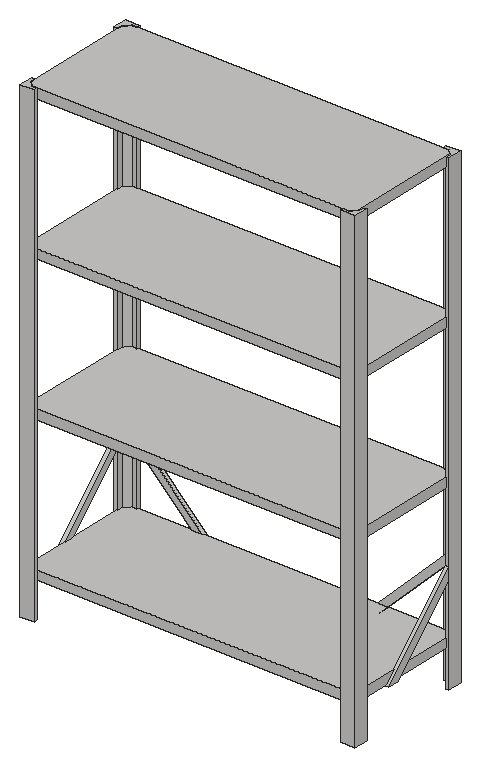
Revit family "QF_ELECTROLUXPROFESSIONAL_132947_NSC1370", category Attrezzature speciali, Revit 2020
Family settings
  Quota connettore circolare = Usa diametro
  Tipo di parte = Normale
  Basato su piano di lavoro = No
  Sempre verticale = Sì
  Taglio con vuoti quando caricato = No
  Condiviso = No
  Punto di calcolo locali = No
Parameters (values of type "Standard")
  Weight = 41.00 kg
  Watts = 0 W
  Volts = 0 V
  URL Manufacturer = "https://www.electroluxprofessional.com/"
  URL = "https://www.electroluxprofessional.com/"
  Steam Supply Size = 0 mm
  Steam Supply Minimum Pressure = 0.0 Pa
  Steam Supply Maximum Pressure = 0.0 Pa
  Steam Consumption per Hour = 0
  Refrigeration Suction Line Size = 0.0 mm
  Refrigeration Liquid Line Size = 0.0 mm
  Refrigerant Compressor Remote = yes
  Prospetto di default = 0.0 mm
  Phase = 0
  Modello = "NSC1370"
  Produttore = "Electrolux Professional"
  Length Actual = 1400.0 mm  # constant formula
  Item Number = "132947"
  Hot Water Size = 0 mm
  Height Actual = 1990.0 mm  # constant formula
  HP = "0 HP"
  Gas Size = 0 mm
  Gas KW = 0
  Gas Input Pressure = 0 W
  Direct Waste Size = 0 mm
  Descrizione = "S/S SHELVING WITH 4 SOLID SHELVES, 1370MM"
  Depth Actual = 550.0 mm  # constant formula
  Cycle = 0 Hz
  Condensate Return Size = 0 mm
  Compressed Air Volume = 0.0 L/s
  Compressed Air Size = 0 mm
  Compressed Air Pressure = 0.0 Pa
  Cold Water Size = 0 mm
  Accessory = yes
Reference planes
  plane 1 "Center (Front/Back)": y = 0
  plane 2: z = 0
  plane 3 "Center (Left/Right)": x = 0
  plane 4 "LEFT": x = -700
  plane 5 "RIGHT": x = 700
  plane 6 "BACK": y = 275
  plane 7 "FRONT": y = -275
  plane 8 "L1": z = 190
  plane 9 "TOP": z = 1990
  plane 10 "L2": z = 790
  plane 11 "L3": z = 1390
  plane 12: x = 640
  plane 13: y = -215
  plane 14: y = 215
  plane 15: x = -640
Forms (mm)
  Extrusion 1, solid, material "QF_Finishes_Stainless Steel"
    sketch origin (0, 0, 0) x (1, 0, 0) y (0, 1, 0)
      loop
        line (-700, 275) -> (-700, 215) -> (-685, 215) -> (-685, 237.5) -> (-662.5, 260) -> (-640, 260) -> (-640, 275) -> (-700, 275)
      loop
        line (-700, -275) -> (-640, -275) -> (-640, -260) -> (-662.5, -260) -> (-685, -237.5) -> (-685, -215) -> (-700, -215) -> (-700, -275)
    from 0 to 1990
  Extrusion 2, solid, material "QF_Finishes_Stainless Steel"
    sketch origin (0, 0, 1990) x (0, 1, 0) y (-1, 0, 0)
      loop
        line (-237.5, 685) -> (-260, 662.5) -> (-260, -662.5) -> (-237.5, -685) -> (237.5, -685) -> (260, -662.5) -> (260, 662.5) -> (237.5, 685) -> (-237.5, 685)
    from 0 to -40
  Extrusion 3, solid, material "QF_Finishes_Stainless Steel"
    sketch origin (0, 275, 0) x (1, 0, 0) y (0, 0, -1)
      loop
        line (370.026, -150) -> (327.6, -150) -> (657.678, -480.078) -> (678.891, -458.864) -> (370.026, -150)
    from 0 to -15
  Extrusion 4, solid, material "QF_Finishes_Stainless Steel"
    sketch origin (-700, 0, 0) x (0, 1, 0) y (0, 0, 1)
      loop
        line (-54.974, 150) -> (253.891, 458.864) -> (232.678, 480.078) -> (-97.4, 150) -> (-54.974, 150)
    from 0 to 15
  Extrusion 5, solid, material "QF_Finishes_Stainless Steel"
    sketch origin (700, 0, 0) x (0, 1, 0) y (0, 0, 1)
      loop
        line (-54.974, 150) -> (253.891, 458.864) -> (232.678, 480.078) -> (-97.4, 150) -> (-54.974, 150)
    from 0 to -15
  Extrusion 6, solid, material "QF_Finishes_Stainless Steel"
    sketch origin (0, 0, 0) x (-1, 0, 0) y (0, -1, 0)
      loop
        line (-700, -275) -> (-640, -275) -> (-640, -260) -> (-662.5, -260) -> (-685, -237.5) -> (-685, -215) -> (-700, -215) -> (-700, -275)
      loop
        line (-700, 275) -> (-700, 215) -> (-685, 215) -> (-685, 237.5) -> (-662.5, 260) -> (-640, 260) -> (-640, 275) -> (-700, 275)
    from 0 to 1990
  Extrusion 7, solid, material "QF_Finishes_Stainless Steel"
    sketch origin (0, 0, 190) x (0, 1, 0) y (-1, 0, 0)
      loop
        line (-237.5, 685) -> (-260, 662.5) -> (-260, -662.5) -> (-237.5, -685) -> (237.5, -685) -> (260, -662.5) -> (260, 662.5) -> (237.5, 685) -> (-237.5, 685)
    from 0 to -40
  Extrusion 8, solid, material "QF_Finishes_Stainless Steel"
    sketch origin (0, 0, 790) x (0, 1, 0) y (-1, 0, 0)
      loop
        line (-237.5, 685) -> (-260, 662.5) -> (-260, -662.5) -> (-237.5, -685) -> (237.5, -685) -> (260, -662.5) -> (260, 662.5) -> (237.5, 685) -> (-237.5, 685)
    from 0 to -40
  Extrusion 9, solid, material "QF_Finishes_Stainless Steel"
    sketch origin (0, 0, 1390) x (0, 1, 0) y (-1, 0, 0)
      loop
        line (-237.5, 685) -> (-260, 662.5) -> (-260, -662.5) -> (-237.5, -685) -> (237.5, -685) -> (260, -662.5) -> (260, 662.5) -> (237.5, 685) -> (-237.5, 685)
    from 0 to -40
  Extrusion 10, solid, material "QF_Finishes_Stainless Steel"
    sketch origin (0, 275, 0) x (-1, 0, 0) y (0, 0, 1)
      loop
        line (370.026, 150) -> (678.891, 458.864) -> (657.678, 480.078) -> (327.6, 150) -> (370.026, 150)
    from 0 to -15
Cuts and joins
  joined: Extrusion 1, Extrusion 3, Extrusion 4, Extrusion 5
Lines and regions (mm)
  symbolic lines
    curve 1: line (-700, 215, 190) -> (-700, 275, 190)
    curve 2: line (-700, 275, 190) -> (-640, 275, 190)
    curve 3: line (-640, 275, 190) -> (-640, 260, 190)
    curve 4: line (-640, 260, 190) -> (-662.5, 260, 190)
    curve 5: line (-662.5, 260, 190) -> (-685, 237.5, 190)
    curve 6: line (-685, 237.5, 190) -> (-685, 215, 190)
    curve 7: line (-685, 215, 190) -> (-700, 215, 190)
    curve 8: line (-700, -215, 190) -> (-685, -215, 190)
    curve 9: line (-685, -215, 190) -> (-685, -237.5, 190)
    curve 10: line (-685, -237.5, 190) -> (-662.5, -260, 190)
    curve 11: line (-662.5, -260, 190) -> (-640, -260, 190)
    curve 12: line (-640, -260, 190) -> (-640, -275, 190)
    curve 13: line (-640, -275, 190) -> (-700, -275, 190)
    curve 14: line (-700, -275, 190) -> (-700, -215, 190)
    curve 15: line (640, -275, 190) -> (700, -275, 190)
    curve 16: line (700, -275, 190) -> (700, -215, 190)
    curve 17: line (700, -215, 190) -> (685, -215, 190)
    curve 18: line (685, -215, 190) -> (685, -237.5, 190)
    curve 19: line (685, -237.5, 190) -> (662.5, -260, 190)
    curve 20: line (662.5, -260, 190) -> (640, -260, 190)
    curve 21: line (640, -260, 190) -> (640, -275, 190)
    curve 22: line (640, 275, 190) -> (640, 260, 190)
    curve 23: line (640, 260, 190) -> (662.5, 260, 190)
    curve 24: line (662.5, 260, 190) -> (685, 237.5, 190)
    curve 25: line (685, 237.5, 190) -> (685, 215, 190)
    curve 26: line (685, 215, 190) -> (700, 215, 190)
    curve 27: line (700, 215, 190) -> (700, 275, 190)
    curve 28: line (700, 275, 190) -> (640, 275, 190)
    curve 29: line (-640, 260, 190) -> (640, 260, 190)
    curve 30: line (685, 215, 190) -> (685, -215, 190)
    curve 31: line (640, -260, 190) -> (-640, -260, 190)
    curve 32: line (-685, -215, 190) -> (-685, 215, 190)
    curve 33: line (-700, -275, 190) -> (700, 275, 190)
Dimensions and locks
  plane 4 "LEFT" to plane 5 "RIGHT" = 1400.0 mm
  equal spacing: plane 4 "LEFT", plane 3 "Center (Left/Right)", plane 5 "RIGHT"
  equal spacing: plane 6 "BACK", plane 1 "Center (Front/Back)", plane 7 "FRONT"
  plane 6 "BACK" to plane 7 "FRONT" = 550.0 mm
  locked: plane 8 "L1" to level at 190
  locked: plane 9 "TOP" to level at 1990
  plane 9 "TOP" to plane 11 "L3" to plane 10 "L2" to plane 8 "L1" = 600.0 mm, 600.0 mm, 600.0 mm
  locked: cut or joined group of Extrusion 1, Extrusion 3, Extrusion 4, Extrusion 5 to cut or joined group of Extrusion 1, Extrusion 3, Extrusion 4, Extrusion 5 at 30
  locked: plane 5 "RIGHT" to Extrusion 3 sketch curve at 329.974
  locked: plane 6 "BACK" to plane 14 at 60
  locked: plane 13 to plane 7 "FRONT" at 60
  locked: plane 15 to plane 4 "LEFT" at 60
  locked: plane 5 "RIGHT" to plane 12 at 60
  locked: plane 8 "L1" to cut or joined group of Extrusion 1, Extrusion 3, Extrusion 4, Extrusion 5 (angle 45.00°)
  aligned and locked: level to plane 2
  aligned and locked: plane 4 "LEFT" to cut or joined group of Extrusion 1, Extrusion 3, Extrusion 4, Extrusion 5
  aligned and locked: cut or joined group of Extrusion 1, Extrusion 3, Extrusion 4, Extrusion 5 to plane 15
Automatic sketch dimensions
  Extrusion 1 sketch curve to plane 4 "LEFT" = 0.0 mm  (x2)
  Extrusion 1 sketch curve to plane 13 = 0.0 mm
  Extrusion 1 sketch curve to plane 14 = 0.0 mm
  Extrusion 1 sketch curve to plane 15 = 0.0 mm  (x2)
  Extrusion 1 sketch curve to plane 6 "BACK" = 0.0 mm
  Extrusion 1 sketch curve to plane 7 "FRONT" = 0.0 mm
  plane 4 "LEFT" to Extrusion 1 sketch curve = 15.0 mm  (x2)
  plane 15 to Extrusion 1 sketch curve = 22.5 mm  (x2)
  plane 7 "FRONT" to Extrusion 1 sketch curve = 15.0 mm
  Extrusion 1 sketch curve to Extrusion 1 sketch curve = 22.5 mm
  plane 14 to Extrusion 1 sketch curve = 22.5 mm
  Extrusion 1 sketch curve to Extrusion 1 sketch curve = 15.0 mm
  plane 7 "FRONT" to Extrusion 2 sketch curve = 15.0 mm
  Extrusion 2 sketch curve to plane 13 = 22.5 mm  (x2)
  plane 14 to Extrusion 2 sketch curve = 22.5 mm  (x2)
  Extrusion 2 sketch curve to plane 6 "BACK" = 15.0 mm
  Extrusion 2 sketch curve to plane 5 "RIGHT" = 15.0 mm
  Extrusion 2 sketch curve to plane 12 = 22.5 mm  (x2)
  plane 15 to Extrusion 2 sketch curve = 22.5 mm  (x2)
  plane 4 "LEFT" to Extrusion 2 sketch curve = 15.0 mm
  plane 8 "L1" to Extrusion 3 sketch curve = 40.0 mm
  Extrusion 3 sketch curve to Extrusion 3 sketch curve = 42.426 mm
  plane 12 to Extrusion 3 sketch curve = 17.678 mm
  plane 5 "RIGHT" to Extrusion 3 sketch curve = 21.109 mm
  Extrusion 4 sketch curve to plane 8 "L1" = 40.0 mm
  plane 1 "Center (Front/Back)" to Extrusion 4 sketch curve = 97.4 mm
  Extrusion 4 sketch curve to Extrusion 4 sketch curve = 42.426 mm
  plane 14 to Extrusion 4 sketch curve = 17.678 mm
  Extrusion 4 sketch curve to plane 6 "BACK" = 21.109 mm
  Extrusion 5 sketch curve to plane 8 "L1" = 40.0 mm
  plane 1 "Center (Front/Back)" to Extrusion 5 sketch curve = 97.4 mm
  Extrusion 5 sketch curve to Extrusion 5 sketch curve = 42.426 mm
  plane 14 to Extrusion 5 sketch curve = 17.678 mm
  Extrusion 5 sketch curve to plane 6 "BACK" = 21.109 mm
  Extrusion 6 sketch curve to plane 5 "RIGHT" = 0.0 mm  (x2)
  plane 13 to Extrusion 6 sketch curve = 0.0 mm
  plane 14 to Extrusion 6 sketch curve = 0.0 mm
  Extrusion 6 sketch curve to plane 12 = 0.0 mm  (x2)
  Extrusion 6 sketch curve to plane 6 "BACK" = 0.0 mm
  plane 7 "FRONT" to Extrusion 6 sketch curve = 0.0 mm
  plane 5 "RIGHT" to Extrusion 6 sketch curve = 15.0 mm  (x2)
  plane 12 to Extrusion 6 sketch curve = 22.5 mm  (x2)
  Extrusion 6 sketch curve to plane 7 "FRONT" = 15.0 mm
  plane 13 to Extrusion 6 sketch curve = 22.5 mm
  Extrusion 6 sketch curve to Extrusion 6 sketch curve = 22.5 mm
  plane 6 "BACK" to Extrusion 6 sketch curve = 15.0 mm
  plane 7 "FRONT" to Extrusion 7 sketch curve = 15.0 mm
  Extrusion 7 sketch curve to plane 13 = 22.5 mm  (x2)
  plane 14 to Extrusion 7 sketch curve = 22.5 mm  (x2)
  Extrusion 7 sketch curve to plane 6 "BACK" = 15.0 mm
  Extrusion 7 sketch curve to plane 5 "RIGHT" = 15.0 mm
  Extrusion 7 sketch curve to plane 12 = 22.5 mm  (x2)
  plane 15 to Extrusion 7 sketch curve = 22.5 mm  (x2)
  plane 4 "LEFT" to Extrusion 7 sketch curve = 15.0 mm
  plane 7 "FRONT" to Extrusion 8 sketch curve = 15.0 mm
  Extrusion 8 sketch curve to plane 13 = 22.5 mm  (x2)
  plane 14 to Extrusion 8 sketch curve = 22.5 mm  (x2)
  Extrusion 8 sketch curve to plane 6 "BACK" = 15.0 mm
  Extrusion 8 sketch curve to plane 5 "RIGHT" = 15.0 mm
  Extrusion 8 sketch curve to plane 12 = 22.5 mm  (x2)
  plane 15 to Extrusion 8 sketch curve = 22.5 mm  (x2)
  plane 4 "LEFT" to Extrusion 8 sketch curve = 15.0 mm
  plane 7 "FRONT" to Extrusion 9 sketch curve = 15.0 mm
  Extrusion 9 sketch curve to plane 13 = 22.5 mm  (x2)
  plane 14 to Extrusion 9 sketch curve = 22.5 mm  (x2)
  Extrusion 9 sketch curve to plane 6 "BACK" = 15.0 mm
  Extrusion 9 sketch curve to plane 5 "RIGHT" = 15.0 mm
  Extrusion 9 sketch curve to plane 12 = 22.5 mm  (x2)
  plane 15 to Extrusion 9 sketch curve = 22.5 mm  (x2)
  plane 4 "LEFT" to Extrusion 9 sketch curve = 15.0 mm
  curve 21 to plane 7 "FRONT" = 0.0 mm
  curve 33 to plane 4 "LEFT" = 0.0 mm
  curve 33 to plane 7 "FRONT" = 0.0 mm
  curve 31 to plane 12 = 0.0 mm
  curve 31 to plane 15 = 0.0 mm
  curve 8 to plane 13 = 0.0 mm
  plane 13 to curve 30 = 0.0 mm
  curve 1 to plane 4 "LEFT" = 0.0 mm
  curve 1 to plane 14 = 0.0 mm
  curve 26 to plane 5 "RIGHT" = 0.0 mm
  plane 14 to curve 26 = 0.0 mm
  curve 4 to plane 15 = 0.0 mm
  curve 23 to plane 12 = 0.0 mm
  plane 6 "BACK" to curve 27 = 0.0 mm
  curve 3 to plane 6 "BACK" = 0.0 mm
  curve 16 to plane 5 "RIGHT" = 0.0 mm
  curve 15 to curve 31 = 15.0 mm
  curve 10 to plane 13 = 22.5 mm
  curve 19 to plane 13 = 22.5 mm
  curve 25 to curve 24 = 22.5 mm
  curve 6 to curve 6 = 22.5 mm
  curve 23 to plane 6 "BACK" = 15.0 mm
  curve 26 to curve 25 = 15.0 mm
  curve 24 to curve 22 = 22.5 mm
  curve 20 to curve 20 = 22.5 mm
  plane 15 to curve 4 = 22.5 mm
  plane 15 to curve 11 = 22.5 mm
  plane 4 "LEFT" to curve 6 = 15.0 mm
  Extrusion 10 sketch curve to plane 8 "L1" = 40.0 mm
  Extrusion 10 sketch curve to plane 15 = 312.4 mm
  Extrusion 10 sketch curve to Extrusion 10 sketch curve = 42.426 mm
  plane 15 to Extrusion 10 sketch curve = 17.678 mm
  plane 4 "LEFT" to Extrusion 10 sketch curve = 21.109 mm
